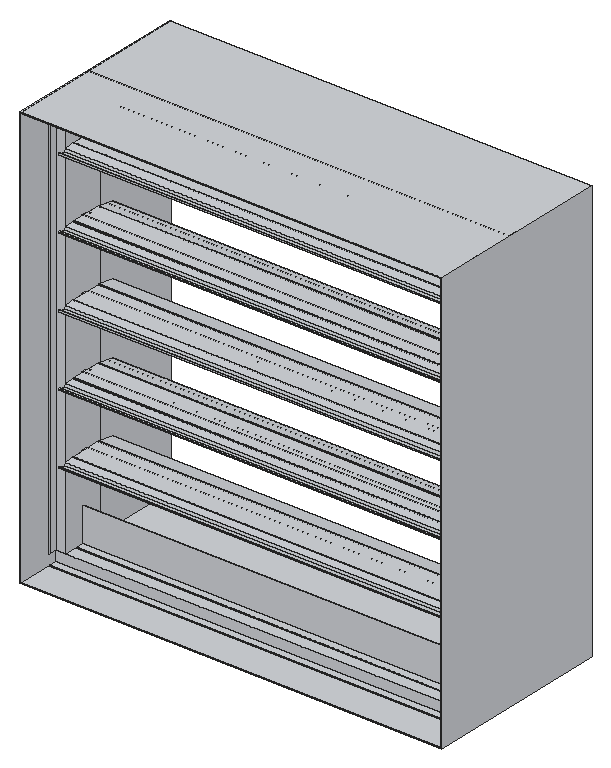
Revit family "S-AFM-OB-I", category Mechanical Equipment, Revit 2015
Parameters
  URL = "http://unitedenertech.com/catalog/pdf/P_80a%20S-AFM-OB-I.pdf"
  Type Comments = "Max. Single Section Size is (32\"w x 30\"h)"
  Model = "S-AFM-OB-I"
  Manufacturer = "United Enertech Corporation"
  Keynote = "Actuator Shown In the Air Stream, Consult Factory for Out of the Air Stream Placement in Models."
  Exact Width = 3' - 0"
  Exact Height = 3' - 0"
  Description = "Low Leakage Modulating Smoke Damper"
  Depth = 1' - 4"
  Blade Spacing = 0' - 6"
  Blade Number [instance] = rounddown((Exact Height - 0' 3") / Blade Spacing)  # 5
  BW [instance] = Exact Width - 0' 2 1/2"  # 2' - 9 1/2"
Reference planes (in)
  plane 1 "Center (Front/Back)": y = 0
  plane 2: z = 0
  plane 3 "Center (Left/Right)": x = 0
  plane 4: z = 36
  plane 5: x = -18
  plane 6: x = 18
  plane 7: z = 0.0359
  plane 8: z = 35.9641
  plane 9: x = -17.9641
  plane 10: x = 17.9641
  plane 11: y = 13
  plane 12: y = -3
  plane 13: y = 5
  plane 14: z = 0.9348
  plane 15: z = 35.0293
  plane 16: x = -17.0293
  plane 17: x = 17.0293
  plane 18: z = 32.27732
  plane 19: y = 4.3098
  plane 20: z = 34.5
  plane 21: z = 23.4428
  plane 22: z = 32.24218
Forms (in)
  Extrusion 1, solid
    sketch origin (0, 0, 0) x (1, 0, 0) y (0, 0, 1)
      loop
        line (-17.9641, 35.9641) -> (-17.9641, 0.0359) -> (17.9641, 0.0359) -> (17.9641, 35.9641) -> (-17.9641, 35.9641)
      loop
        line (-18, 36) -> (-18, 0) -> (18, 0) -> (18, 36) -> (-18, 36)
    from -13 to 3
  Extrusion 2, solid
    sketch origin (23.93472, -8.11588, 0) x (1, 0, 0) y (0, 1, 0)
      loop
        line (-41.83902, 8.11588) -> (-41.83902, 8.17568) -> (-41.83902, 8.80608) -> (-40.96402, 8.80608) -> (-40.96402, 12.42568) -> (-41.83902, 12.42568) -> (-41.83902, 13.05608) -> (-41.83902, 13.11588) -> (-41.89882, 13.11588) -> (-41.89882, 12.36588) -> (-41.02382, 12.36588) -> (-41.02382, 8.86588) -> (-41.89882, 8.86588) -> (-41.89882, 8.11588) -> (-41.83902, 8.11588)
    from 0.9348 to 35.0293
  Extrusion 3, solid
    sketch origin (31.96104, -8.11588, 36.89882) x (0, 0, 1) y (0, 1, 0)
      loop
        line (-36.83902, 8.17568) -> (-36.83902, 8.80608) -> (-35.96402, 8.80608) -> (-35.96402, 12.42568) -> (-36.83902, 12.42568) -> (-36.83902, 13.05608) -> (-36.83902, 13.11588) -> (-36.89882, 13.11588) -> (-36.89882, 12.36588) -> (-36.02382, 12.36588) -> (-36.02382, 8.86588) -> (-36.89882, 8.86588) -> (-36.89882, 8.11588) -> (-36.83902, 8.11588) -> (-36.83902, 8.17568)
    from 13.99694 to 49.92514
  Extrusion 4, solid
    sketch origin (26.89178, -38.52709, 32.33205) x (0, -1, 0) y (0, 0, -1)
      loop
        line (-41.02709, -2.19725) -> (-41.02709, -2.69725) -> (-40.27709, -2.69725) -> (-40.27709, -2.61625) -> (-40.94609, -2.61625) -> (-40.94609, -2.19725) -> (-41.02709, -2.19725)
    from -43.92108 to -9.86248
  Extrusion 5, solid
    sketch origin (62.39247, 5.64851, 0.33329) x (0, 1, 0) y (0, 0, 1)
      loop
        line (-3.14851, 3.60151) -> (-3.22663, 3.60151) -> (-3.22663, 0.67964) -> (-3.89851, 0.67964) -> (-3.89851, 0.60151) -> (-3.14851, 0.60151) -> (-3.14851, 3.60151)
    from -79.42177 to -45.36317
  Extrusion 6, solid
    sketch origin (-23.93472, -8.11588, 0) x (-1, 0, 0) y (0, -1, 0)
      loop
        line (-41.83902, -8.11588) -> (-41.89882, -8.11588) -> (-41.89882, -8.86588) -> (-41.02382, -8.86588) -> (-41.02382, -12.36588) -> (-41.89882, -12.36588) -> (-41.89882, -13.11588) -> (-41.83902, -13.11588) -> (-41.83902, -13.05608) -> (-41.83902, -12.42568) -> (-40.96402, -12.42568) -> (-40.96402, -8.80608) -> (-41.83902, -8.80608) -> (-41.83902, -8.17568) -> (-41.83902, -8.11588)
    from 0.9348 to 35.0293
  Extrusion 7, solid
    sketch origin (31.96104, -8.11588, 11.06528) x (0, 0, -1) y (0, -1, 0)
      loop
        line (-24.83902, -8.17568) -> (-24.83902, -8.11588) -> (-24.89882, -8.11588) -> (-24.89882, -8.86588) -> (-24.02382, -8.86588) -> (-24.02382, -12.36588) -> (-24.89882, -12.36588) -> (-24.89882, -13.11588) -> (-24.83902, -13.11588) -> (-24.83902, -13.05608) -> (-24.83902, -12.42568) -> (-23.96402, -12.42568) -> (-23.96402, -8.80608) -> (-24.83902, -8.80608) -> (-24.83902, -8.17568)
    from 13.99694 to 49.92514
  Extrusion 8, solid
    sketch origin (0, 0, 0) x (0, 1, 0) y (0, 0, 1)
      loop
        line (7.9528, 32.24218) -> (7.6668, 32.24218)
        arc (7.6668, 32.24218) -> (7.8098, 31.71875) -> (7.9528, 32.24218) r 0.28125
    from -17.9641 to 17.9641
Dimensions and locks (in)
  "Exact Height": plane 4 to level
  equal spacing: plane 5, plane 3 "Center (Left/Right)", plane 6
  "Exact Width": plane 5 to plane 6
  locked: plane 7 to level at 0.0359
  locked: plane 4 to plane 8 at 0.0359
  locked: plane 5 to plane 9 at 0.0359
  locked: plane 10 to plane 6 at 0.0359
  locked: plane 1 "Center (Front/Back)" to plane 12 at 3
  "Depth": plane 11 to plane 12
  locked: plane 1 "Center (Front/Back)" to plane 13 at 5
  locked: plane 14 to level at 0.9348
  locked: plane 8 to plane 15 at 0.9348
  locked: plane 16 to plane 9 at 0.9348
  locked: plane 10 to plane 17 at 0.9348
  locked: plane 4 to plane 18 at 3.72268
  equal spacing: group 2, group 3, group 4, group 5, group 6  (x2)
  equal spacing: group 6, group 5, group 4, group 3, group 2
  "Blade Spacing": nested 1 to nested 3
  locked: plane 13 to plane 19 at 0.6902
  locked: plane 4 to plane 20 at 1.5
  locked: plane 4 to plane 21 at 12.5572
  locked: plane 4 to plane 22 at 3.75782
  aligned and locked: level to plane 2
  aligned and locked: Extrusion 1 sketch curve to plane 4
  aligned and locked: level to Extrusion 1 sketch curve
  aligned and locked: Extrusion 1 sketch curve to plane 5
  aligned and locked: Extrusion 1 sketch curve to plane 6
  aligned and locked: Extrusion 1 sketch curve to plane 8
  aligned and locked: plane 7 to Extrusion 1 sketch curve
  aligned and locked: plane 10 to Extrusion 1 sketch curve
  aligned and locked: plane 9 to Extrusion 1 sketch curve
  aligned and locked: plane 11 to Extrusion 1
  aligned and locked: Extrusion 1 to plane 12
  aligned and locked: Extrusion 2 to plane 9
  aligned and locked: Extrusion 6 to plane 10
  aligned and locked: Extrusion 3 to plane 9
  aligned and locked: Extrusion 3 to plane 10
  aligned and locked: Extrusion 6 to plane 14
  aligned and locked: Extrusion 2 to plane 14
  aligned and locked: plane 8 to Extrusion 7
  aligned and locked: plane 15 to Extrusion 6
  aligned and locked: plane 15 to Extrusion 2
  aligned and locked: Extrusion 7 to plane 9
  aligned and locked: Extrusion 7 to plane 10
  aligned and locked: Extrusion 5 to plane 16
  aligned and locked: plane 17 to Extrusion 5
  aligned and locked: Extrusion 7 to plane 15
  aligned and locked: plane 15 to Extrusion 4
  aligned and locked: Extrusion 4 to plane 16
  aligned and locked: plane 17 to Extrusion 4
  aligned and locked: plane 18 to nested 1
  aligned and locked: plane 3 "Center (Left/Right)" to nested 1
  aligned and locked: nested 4 to plane 10
  aligned and locked: plane 9 to nested 5
  aligned and locked: nested 5 to plane 19
  aligned and locked: plane 19 to nested 4
  aligned and locked: Extrusion 8 to plane 10
  aligned and locked: Extrusion 8 to plane 9
  aligned and locked: nested 5 to plane 20
  aligned and locked: plane 20 to nested 4
  aligned and locked: nested 6 to plane 21
  aligned and locked: plane 22 to Extrusion 8
  aligned and locked: plane 17 to nested 6
Automatic sketch dimensions
  Extrusion 2 sketch curve to plane 9 = 0' - 0"  (x2)
  plane 1 "Center (Front/Back)" to Extrusion 2 sketch curve = 0' - 0"
  plane 13 to Extrusion 2 sketch curve = 0' - 0"
  plane 9 to Extrusion 2 sketch curve = 0' - 0.0598"  (x2)
  Extrusion 2 sketch curve to Extrusion 2 sketch curve = 0' - 0.8152"
  Extrusion 2 sketch curve to Extrusion 2 sketch curve = 0' - 0.0598"  (x4)
  Extrusion 2 sketch curve to plane 1 "Center (Front/Back)" = 0' - 0.0598"
  Extrusion 2 sketch curve to Extrusion 2 sketch curve = 0' - 0.6304"
  Extrusion 2 sketch curve to Extrusion 2 sketch curve = 0' - 0 3/4"
  Extrusion 3 sketch curve to level = 0' - 0"  (x2)
  Extrusion 3 sketch curve to plane 1 "Center (Front/Back)" = 0' - 0"
  Extrusion 3 sketch curve to plane 13 = 0' - 0"
  Extrusion 3 sketch curve to plane 14 = 0' - 0"
  plane 7 to Extrusion 3 sketch curve = 0' - 0.0239"  (x2)
  Extrusion 3 sketch curve to plane 14 = 0' - 0.0598"
  Extrusion 3 sketch curve to plane 1 "Center (Front/Back)" = 0' - 0.0598"
  Extrusion 3 sketch curve to Extrusion 3 sketch curve = 0' - 0.6304"
  Extrusion 3 sketch curve to Extrusion 3 sketch curve = 0' - 0.0598"  (x2)
  plane 13 to Extrusion 3 sketch curve = 0' - 0 3/4"
  plane 13 to Extrusion 3 sketch curve = 0' - 0.0598"
  Extrusion 4 sketch curve to plane 8 = 0' - 1.4348"
  plane 12 to Extrusion 4 sketch curve = 0' - 5 1/2"
  Extrusion 4 sketch curve to Extrusion 4 sketch curve = 0' - 0.081"  (x2)
  Extrusion 4 sketch curve to Extrusion 4 sketch curve = 0' - 0.669"
  Extrusion 4 sketch curve to Extrusion 4 sketch curve = 0' - 0.419"
  Extrusion 5 sketch curve to plane 14 = 0' - 0"
  plane 14 to Extrusion 5 sketch curve = 0' - 0 5/64"
  plane 12 to Extrusion 5 sketch curve = 0' - 4 3/4"
  Extrusion 5 sketch curve to Extrusion 5 sketch curve = 0' - 0 43/64"
  Extrusion 5 sketch curve to Extrusion 5 sketch curve = 0' - 0 5/64"
  Extrusion 5 sketch curve to Extrusion 5 sketch curve = 0' - 2 59/64"
  Extrusion 6 sketch curve to plane 10 = 0' - 0"  (x2)
  plane 1 "Center (Front/Back)" to Extrusion 6 sketch curve = 0' - 0"
  plane 13 to Extrusion 6 sketch curve = 0' - 0"
  Extrusion 6 sketch curve to plane 10 = 0' - 0.0598"  (x2)
  Extrusion 6 sketch curve to Extrusion 6 sketch curve = 0' - 0.8152"
  Extrusion 6 sketch curve to Extrusion 6 sketch curve = 0' - 0.0598"  (x3)
  plane 1 "Center (Front/Back)" to Extrusion 6 sketch curve = 0' - 0.0598"
  Extrusion 6 sketch curve to Extrusion 6 sketch curve = 0' - 0.6304"
  Extrusion 6 sketch curve to plane 13 = 0' - 0 3/4"
  Extrusion 6 sketch curve to plane 13 = 0' - 0.0598"
  Extrusion 7 sketch curve to plane 1 "Center (Front/Back)" = 0' - 0"
  Extrusion 7 sketch curve to plane 13 = 0' - 0"
  plane 13 to Extrusion 7 sketch curve = 0' - 0 3/4"
  Extrusion 7 sketch curve to plane 8 = 0' - 0"
  Extrusion 7 sketch curve to Extrusion 7 sketch curve = 0' - 0"
  Extrusion 7 sketch curve to Extrusion 7 sketch curve = 0' - 0.0598"  (x6)
  Extrusion 7 sketch curve to Extrusion 7 sketch curve = 0' - 0.8152"
  Extrusion 7 sketch curve to plane 1 "Center (Front/Back)" = 0' - 0 3/4"
  Extrusion 7 sketch curve to plane 1 "Center (Front/Back)" = 0' - 0.0598"
  Extrusion 8 sketch curve to plane 18 = 0' - 0.27732"
  Extrusion 8 sketch curve to plane 13 = 0' - 2.8098"
  Extrusion 8 sketch curve to plane 18 = 0' - 0 9/256"
  Extrusion 8 sketch curve to Extrusion 8 sketch curve = 0' - 0.143"
Nested families (in)
  nested 1: "160BL" at (0, 2.25251, 30.67097), type "160BL"
    with Blade Width 2' - 9 1/2"
  nested 2: "160BL" at (62.39247, -25.11688, 30.67097), type "160BL", not visible
    with Blade Width 2' - 9 1/2"
  nested 3: "160BL" at (0, 2.25251, 24.67097), type "160BL"
    with Blade Width 2' - 9 1/2"
  nested 4: "Fire Smoke Actuator Bracket" at (18.23913, 4.3098, 33.56141) x (0, 0, 1) z (0, 1, 0), type "Fire Smoke Actuator Bracket"
  nested 5: "Fire Smoke Actuator Bracket" at (-18.23913, 4.3098, 33.56141) x (0, 0, 1) z (0, 1, 0), type "Fire Smoke Actuator Bracket"
  nested 6: "FS-AFB-24-SR" at (14.4993, 7.50014, 25.55611), type "FS-AFB-24-SR"
  nested 7: "160BL" at (0, 2.25251, 18.67097), type "160BL"
    with Blade Width 2' - 9 1/2"
  nested 8: "160BL" at (0, 2.25251, 12.67097), type "160BL"
    with Blade Width 2' - 9 1/2"
  nested 9: "160BL" at (0, 2.25251, 6.67097), type "160BL"
    with Blade Width 2' - 9 1/2"
Definition of nested family "160BL"
  Parameters (values of type "160BL")
    Blade Width = 2' - 0"
  Reference planes (in)
    plane 1 "Center (Front/Back)": y = 0
    plane 2: z = 0
    plane 3 "Center (Left/Right)": x = 0
    plane 4: x = -12
    plane 5: x = 12
    plane 6: x = 13
    plane 7: x = 10
    plane 8: x = -10
    plane 9: x = -13
  Forms (in)
    Extrusion 1, solid
      sketch origin (-29.66395, -41.88595, -4.51752) x (0, -1, 0) y (0, 0, -1)
        loop
          line (-42.3214, -5.69562) -> (-42.3214, -6.04405) -> (-41.94647, -6.04405) -> (-41.94647, -5.69562) -> (-42.3214, -5.69562)
      from 39.66395 to 42.66395
    Extrusion 2, solid
      sketch origin (-29.66395, -42.01854, -6.8342) x (0, -1, 0) y (0, 0, -1)
        loop
          line (-43.46599, -7.97904) -> (-43.51899, -7.97904) -> (-43.51899, -8.39235) -> (-42.90411, -8.41377) -> (-42.50696, -8.41377) -> (-42.50696, -8.36074) -> (-42.90411, -8.36074) -> (-43.46599, -8.34116) -> (-43.46599, -7.97904)
      from 17.66395 to 41.66395
    Extrusion 3, solid
      sketch origin (-29.66395, -42.01854, -6.8342) x (0, -1, 0) y (0, 0, -1)
        loop
          line (-43.41296, -8.32667) -> (-43.41296, -8.03022) -> (-42.89933, -8.01224) -> (-42.50696, -8.01224) -> (-42.50696, -8.41377) -> (-42.02598, -8.41377) -> (-42.02598, -8.0123) -> (-41.62883, -8.0123) -> (-41.11996, -8.03003) -> (-41.11996, -8.32648) -> (-41.06699, -8.32648) -> (-41.06699, -7.97904) -> (-41.63442, -7.95927) -> (-42.07906, -7.95927) -> (-42.07906, -8.36074) -> (-42.45398, -8.36074) -> (-42.45398, -7.95927) -> (-42.90119, -7.95927) -> (-43.46596, -7.97904) -> (-43.46596, -8.32667) -> (-43.41296, -8.32667)
      from 17.66395 to 41.66395
    Extrusion 4, solid
      sketch origin (-29.66395, -42.01854, -6.8342) x (0, -1, 0) y (0, 0, -1)
        loop
          line (-42.45398, -7.95927) -> (-42.45398, -8.01224) -> (-42.07906, -8.01224) -> (-42.07906, -7.95927) -> (-42.45398, -7.95927)
      from 17.66395 to 41.66395
    Extrusion 5, solid
      sketch origin (-29.66395, -42.01854, -6.8342) x (0, -1, 0) y (0, 0, -1)
        loop
          line (-41.06705, -7.97904) -> (-41.06705, -8.34116) -> (-41.62893, -8.36074) -> (-42.02598, -8.36074) -> (-42.02598, -8.41377) -> (-41.62893, -8.41377) -> (-41.01405, -8.39235) -> (-41.01405, -7.97904) -> (-41.06705, -7.97904)
      from 17.66395 to 41.66395
    Extrusion 6, solid
      sketch origin (-29.66395, -42.01854, -6.8342) x (0, -1, 0) y (0, 0, -1)
        loop
          line (-45.11444, -8.04212) -> (-45.14143, -8.06102) -> (-45.14143, -8.15472) -> (-43.65311, -8.44766) -> (-43.61881, -8.3631) -> (-43.58593, -8.44056) -> (-40.94517, -8.44056) -> (-40.91325, -8.36156) -> (-40.87962, -8.44109) -> (-40.06454, -8.37558) -> (-40.01199, -8.16476) -> (-39.44168, -8.27557) -> (-39.41851, -8.2524) -> (-40.03184, -8.13323) -> (-40.08641, -8.35172) -> (-40.86, -8.41376) -> (-40.88095, -8.33556) -> (-40.94478, -8.33556) -> (-40.96652, -8.41377) -> (-43.56615, -8.41377) -> (-43.58705, -8.33578) -> (-43.65168, -8.33578) -> (-43.67323, -8.41619) -> (-45.11444, -8.13252) -> (-45.11444, -8.04212)
      from 17.66395 to 41.66395
    Extrusion 7, solid
      sketch origin (-29.66395, 42.51351, 9.53877) x (0, 1, 0) y (0, 0, 1)
        loop
          line (-45.11444, -8.04212) -> (-45.14143, -8.06102) -> (-45.14143, -8.15472) -> (-43.65311, -8.44766) -> (-43.61881, -8.3631) -> (-43.58593, -8.44056) -> (-40.94517, -8.44056) -> (-40.91325, -8.36156) -> (-40.87962, -8.44109) -> (-40.06454, -8.37558) -> (-40.01199, -8.16476) -> (-39.44168, -8.27557) -> (-39.41851, -8.2524) -> (-40.03184, -8.13323) -> (-40.08641, -8.35172) -> (-40.86, -8.41376) -> (-40.88095, -8.33556) -> (-40.94478, -8.33556) -> (-40.96652, -8.41377) -> (-43.56615, -8.41377) -> (-43.58705, -8.33578) -> (-43.65168, -8.33578) -> (-43.67323, -8.41619) -> (-45.11444, -8.13252) -> (-45.11444, -8.04212)
      from 17.66395 to 41.66395
    Extrusion 8, solid
      sketch origin (-63.16395, -41.88595, -4.51752) x (0, -1, 0) y (0, 0, -1)
        loop
          line (-42.3214, -5.69562) -> (-42.3214, -6.04405) -> (-41.94647, -6.04405) -> (-41.94647, -5.69562) -> (-42.3214, -5.69562)
      from 50.16395 to 53.16395
  Dimensions and locks (in)
    equal spacing: plane 4, plane 3 "Center (Left/Right)", plane 5
    "Blade Width": plane 4 to plane 5
    locked: plane 7 to plane 5 at 2
    locked: plane 5 to plane 6 at 1
    locked: plane 4 to plane 8 at 2
    locked: plane 9 to plane 4 at 1
    aligned and locked: level to plane 2
    aligned and locked: plane 5 to Extrusion 6
    aligned and locked: plane 5 to Extrusion 7
    aligned and locked: plane 5 to Extrusion 5
    aligned and locked: plane 5 to Extrusion 3
    aligned and locked: plane 5 to Extrusion 2
    aligned and locked: Extrusion 1 to plane 6
    aligned and locked: plane 5 to Extrusion 4
    aligned and locked: plane 7 to Extrusion 1
    aligned and locked: Extrusion 8 to plane 9
    aligned and locked: Extrusion 8 to plane 8
    aligned and locked: plane 4 to Extrusion 6
    aligned and locked: plane 4 to Extrusion 7
    aligned and locked: plane 4 to Extrusion 2
    aligned and locked: plane 4 to Extrusion 3
    aligned and locked: plane 4 to Extrusion 5
    aligned and locked: plane 4 to Extrusion 4
  Automatic sketch dimensions
    Extrusion 1 sketch curve to plane 1 "Center (Front/Back)" = 0' - 0.43545"
    Extrusion 1 sketch curve to plane 1 "Center (Front/Back)" = 0' - 0.06052"
    level to Extrusion 1 sketch curve = 0' - 1.52654"
    Extrusion 1 sketch curve to Extrusion 1 sketch curve = 0' - 0.34843"
    Extrusion 2 sketch curve to plane 1 "Center (Front/Back)" = 0' - 1.50045"
    Extrusion 2 sketch curve to Extrusion 2 sketch curve = 0' - 0.053"
    Extrusion 2 sketch curve to Extrusion 2 sketch curve = 0' - 0.56188"
    Extrusion 2 sketch curve to Extrusion 2 sketch curve = 0' - 0"
    Extrusion 2 sketch curve to Extrusion 2 sketch curve = 0' - 0.39715"
    level to Extrusion 2 sketch curve = 0' - 1.57957"
    Extrusion 2 sketch curve to Extrusion 2 sketch curve = 0' - 0.02142"
    Extrusion 2 sketch curve to Extrusion 2 sketch curve = 0' - 0.05303"
    Extrusion 2 sketch curve to Extrusion 2 sketch curve = 0' - 0.05119"
    Extrusion 2 sketch curve to Extrusion 2 sketch curve = 0' - 0.36212"
    Extrusion 3 sketch curve to plane 1 "Center (Front/Back)" = 0' - 1.44742"
    Extrusion 3 sketch curve to Extrusion 3 sketch curve = 0' - 0.053"
    Extrusion 3 sketch curve to Extrusion 3 sketch curve = 0' - 0.51177"
    Extrusion 3 sketch curve to Extrusion 3 sketch curve = 0' - 0.00185"
    Extrusion 3 sketch curve to plane 1 "Center (Front/Back)" = 0' - 0.48842"
    Extrusion 3 sketch curve to Extrusion 3 sketch curve = 0' - 0.05297"  (x3)
    Extrusion 3 sketch curve to plane 1 "Center (Front/Back)" = 0' - 0.06052"
    Extrusion 3 sketch curve to plane 1 "Center (Front/Back)" = 0' - 0.00745"
    plane 1 "Center (Front/Back)" to Extrusion 3 sketch curve = 0' - 0.38411"
    Extrusion 3 sketch curve to Extrusion 3 sketch curve = 0' - 0.00559"
    Extrusion 3 sketch curve to Extrusion 3 sketch curve = 0' - 0.50887"
    level to Extrusion 3 sketch curve = 0' - 1.57957"
    Extrusion 3 sketch curve to Extrusion 3 sketch curve = 0' - 0.05303"  (x2)
    Extrusion 3 sketch curve to Extrusion 3 sketch curve = 0' - 0.0871"
    Extrusion 3 sketch curve to Extrusion 3 sketch curve = 0' - 0.08729"
    Extrusion 3 sketch curve to Extrusion 3 sketch curve = 0' - 0.29645"  (x2)
    Extrusion 3 sketch curve to Extrusion 3 sketch curve = 0' - 0.34843"
    Extrusion 3 sketch curve to Extrusion 3 sketch curve = 0' - 0.01798"
    Extrusion 3 sketch curve to Extrusion 3 sketch curve = 0' - 0.05099"
    Extrusion 3 sketch curve to Extrusion 3 sketch curve = 0' - 0.05118"
    Extrusion 4 sketch curve to plane 1 "Center (Front/Back)" = 0' - 0.43545"
    Extrusion 4 sketch curve to plane 1 "Center (Front/Back)" = 0' - 0.06052"
    level to Extrusion 4 sketch curve = 0' - 1.17804"
    Extrusion 4 sketch curve to Extrusion 4 sketch curve = 0' - 0.05297"
    Extrusion 5 sketch curve to plane 1 "Center (Front/Back)" = 0' - 0.00745"
    plane 1 "Center (Front/Back)" to Extrusion 5 sketch curve = 0' - 0.3896"
    Extrusion 5 sketch curve to Extrusion 5 sketch curve = 0' - 0"
    Extrusion 5 sketch curve to Extrusion 5 sketch curve = 0' - 0.56188"
    Extrusion 5 sketch curve to Extrusion 5 sketch curve = 0' - 0.053"
    level to Extrusion 5 sketch curve = 0' - 1.57957"
    Extrusion 5 sketch curve to Extrusion 5 sketch curve = 0' - 0.02142"
    Extrusion 5 sketch curve to Extrusion 5 sketch curve = 0' - 0.05303"
    Extrusion 5 sketch curve to Extrusion 5 sketch curve = 0' - 0.05119"
    Extrusion 5 sketch curve to Extrusion 5 sketch curve = 0' - 0.36212"
    level to Extrusion 6 sketch curve = 0' - 1.32052"
    Extrusion 6 sketch curve to plane 1 "Center (Front/Back)" = 0' - 3.12289"
    level to Extrusion 6 sketch curve = 0' - 1.20792"
    Extrusion 6 sketch curve to Extrusion 6 sketch curve = 0' - 0.02699"
    Extrusion 6 sketch curve to Extrusion 6 sketch curve = 0' - 1.44121"
    Extrusion 6 sketch curve to Extrusion 6 sketch curve = 0' - 0.02012"
    Extrusion 6 sketch curve to Extrusion 6 sketch curve = 0' - 0.02155"
    Extrusion 6 sketch curve to Extrusion 6 sketch curve = 0' - 0.03287"
    Extrusion 6 sketch curve to Extrusion 6 sketch curve = 0' - 0.03176"
    Extrusion 6 sketch curve to Extrusion 6 sketch curve = 0' - 0.06717"
    Extrusion 6 sketch curve to Extrusion 6 sketch curve = 0' - 0.01978"
    plane 1 "Center (Front/Back)" to Extrusion 6 sketch curve = 0' - 1.05202"
    Extrusion 6 sketch curve to Extrusion 6 sketch curve = 0' - 0.02136"
    Extrusion 6 sketch curve to Extrusion 6 sketch curve = 0' - 0.02174"
    Extrusion 6 sketch curve to Extrusion 6 sketch curve = 0' - 0.03153"  (x2)
    Extrusion 6 sketch curve to Extrusion 6 sketch curve = 0' - 0.0323"
    Extrusion 6 sketch curve to Extrusion 6 sketch curve = 0' - 0.06554"
    Extrusion 6 sketch curve to Extrusion 6 sketch curve = 0' - 0.01963"
    Extrusion 6 sketch curve to Extrusion 6 sketch curve = 0' - 0.77359"
    Extrusion 6 sketch curve to Extrusion 6 sketch curve = 0' - 0.02187"
    Extrusion 6 sketch curve to Extrusion 6 sketch curve = 0' - 0.05457"
    Extrusion 6 sketch curve to Extrusion 6 sketch curve = 0' - 0.01985"
    Extrusion 6 sketch curve to Extrusion 6 sketch curve = 0' - 0 73/128"
    Extrusion 6 sketch curve to Extrusion 6 sketch curve = 0' - 0.02317"  (x2)
    level to Extrusion 6 sketch curve = 0' - 1.33056"
    Extrusion 6 sketch curve to Extrusion 6 sketch curve = 0' - 0.08764"
    Extrusion 6 sketch curve to Extrusion 6 sketch curve = 0' - 0.1708"
    level to Extrusion 6 sketch curve = 0' - 1.50158"
    Extrusion 6 sketch curve to Extrusion 6 sketch curve = 0' - 0.18696"
    Extrusion 6 sketch curve to Extrusion 6 sketch curve = 0' - 0.02601"
    Extrusion 6 sketch curve to Extrusion 6 sketch curve = 0' - 0 7/256"  (x2)
    Extrusion 6 sketch curve to Extrusion 6 sketch curve = 0' - 0.02386"
    Extrusion 6 sketch curve to Extrusion 6 sketch curve = 0' - 0.05219"
    Extrusion 6 sketch curve to Extrusion 6 sketch curve = 0' - 0.05067"
    Extrusion 6 sketch curve to Extrusion 6 sketch curve = 0' - 0.05309"
    Extrusion 6 sketch curve to Extrusion 6 sketch curve = 0' - 0.02679"
    Extrusion 6 sketch curve to Extrusion 6 sketch curve = 0' - 0.03147"
    Extrusion 6 sketch curve to Extrusion 6 sketch curve = 0' - 0.0222"
    Extrusion 6 sketch curve to Extrusion 6 sketch curve = 0' - 0.0189"
    plane 1 "Center (Front/Back)" to Extrusion 7 sketch curve = 0' - 2.62792"
    Extrusion 7 sketch curve to Extrusion 7 sketch curve = 0' - 0.02699"
    plane 1 "Center (Front/Back)" to Extrusion 7 sketch curve = 0' - 1.15972"
    Extrusion 7 sketch curve to Extrusion 7 sketch curve = 0' - 0.02012"
    Extrusion 7 sketch curve to Extrusion 7 sketch curve = 0' - 0.02155"
    Extrusion 7 sketch curve to Extrusion 7 sketch curve = 0' - 0.03287"
    Extrusion 7 sketch curve to Extrusion 7 sketch curve = 0' - 0.03176"
    Extrusion 7 sketch curve to Extrusion 7 sketch curve = 0' - 0.06717"
    Extrusion 7 sketch curve to Extrusion 7 sketch curve = 0' - 0.01978"
    Extrusion 7 sketch curve to plane 1 "Center (Front/Back)" = 0' - 1.54699"
    Extrusion 7 sketch curve to Extrusion 7 sketch curve = 0' - 0.02136"
    Extrusion 7 sketch curve to Extrusion 7 sketch curve = 0' - 0.02174"
    Extrusion 7 sketch curve to Extrusion 7 sketch curve = 0' - 0.03153"  (x2)
    Extrusion 7 sketch curve to Extrusion 7 sketch curve = 0' - 0.0323"
    Extrusion 7 sketch curve to Extrusion 7 sketch curve = 0' - 0.06554"
    Extrusion 7 sketch curve to Extrusion 7 sketch curve = 0' - 0.01963"
    level to Extrusion 7 sketch curve = 0' - 1.18705"
    Extrusion 7 sketch curve to Extrusion 7 sketch curve = 0' - 0.77359"
    level to Extrusion 7 sketch curve = 0' - 1.16319"
    Extrusion 7 sketch curve to Extrusion 7 sketch curve = 0' - 0.02187"
    Extrusion 7 sketch curve to Extrusion 7 sketch curve = 0' - 0.05457"
    Extrusion 7 sketch curve to Extrusion 7 sketch curve = 0' - 0.01985"
    level to Extrusion 7 sketch curve = 0' - 1.2632"
    Extrusion 7 sketch curve to Extrusion 7 sketch curve = 0' - 0 73/128"
    level to Extrusion 7 sketch curve = 0' - 1.28637"
    Extrusion 7 sketch curve to Extrusion 7 sketch curve = 0' - 0.02317"
    Extrusion 7 sketch curve to Extrusion 7 sketch curve = 0' - 0.06204"
    level to Extrusion 7 sketch curve = 0' - 1 1/8"
    Extrusion 7 sketch curve to Extrusion 7 sketch curve = 0' - 0.00242"
    Extrusion 7 sketch curve to Extrusion 7 sketch curve = 0' - 0.02679"
    Extrusion 7 sketch curve to Extrusion 7 sketch curve = 0' - 0 7/256"  (x2)
    Extrusion 7 sketch curve to Extrusion 7 sketch curve = 0' - 0.03147"
    Extrusion 7 sketch curve to Extrusion 7 sketch curve = 0' - 0.05067"
    Extrusion 7 sketch curve to Extrusion 7 sketch curve = 0' - 0.05219"
    Extrusion 7 sketch curve to Extrusion 7 sketch curve = 0' - 0.02601"
    Extrusion 7 sketch curve to Extrusion 7 sketch curve = 0' - 0.18696"
    level to Extrusion 7 sketch curve = 0' - 1.38405"
    Extrusion 7 sketch curve to Extrusion 7 sketch curve = 0' - 0.0222"
    Extrusion 7 sketch curve to Extrusion 7 sketch curve = 0' - 0.07151"
    Extrusion 7 sketch curve to Extrusion 7 sketch curve = 0' - 0.0189"
    Extrusion 8 sketch curve to plane 1 "Center (Front/Back)" = 0' - 0.43545"
    Extrusion 8 sketch curve to plane 1 "Center (Front/Back)" = 0' - 0.06052"
    level to Extrusion 8 sketch curve = 0' - 1.52654"
    Extrusion 8 sketch curve to Extrusion 8 sketch curve = 0' - 0.34843"
Definition of nested family "Fire Smoke Actuator Bracket"
  Reference planes (in)
    plane 1 "Center (Front/Back)": y = 0
    plane 2: z = 0
    plane 3 "Center (Left/Right)": x = 0
  Forms (in)
    Extrusion 1, solid
      sketch origin (54.09185, -14.49387, 0) x (1, 0, 0) y (0, 1, 0)
        loop
          line (-53.15326, 14.21883) -> (-53.90326, 14.21883) -> (-53.90326, 14.00399) -> (-57.40326, 14.00399) -> (-57.40326, 14.21883) -> (-58.15326, 14.21883) -> (-58.15326, 14.18293) -> (-57.43842, 14.18293) -> (-57.43842, 13.96883) -> (-53.8681, 13.96883) -> (-53.8681, 14.18293) -> (-53.15326, 14.18293) -> (-53.15326, 14.21883)
      from 0 to 5
    Extrusion 2, void
      sketch origin (0, 0, 0) x (1, 0, 0) y (0, 0, 1)
        loop
          circle (-1.56141, 3.5) r 0.28125
      from 0 to 1.04299
  Cuts and joins
    Extrusion 2 cuts Extrusion 1
  Dimensions and locks (in)
    aligned and locked: level to plane 2
Definition of nested family "FS-AFB-24-SR"
  Reference planes (in)
    plane 1 "Center (Front/Back)": y = 0
    plane 2: z = 0
    plane 3 "Center (Left/Right)": x = 0
  Forms (in)
    Extrusion 1, solid
      sketch origin (0, 3.01059, 2.37313) x (0, 0, 1) y (0, -1, 0)
        loop
          arc (5.17694, 4.14515) -> (5.10142, 4.28392) -> (4.96096, 4.35623) r 0.2686
          line (4.96096, 4.35623) -> (3.43874, 4.62464) -> (-2.18351, 4.62464) -> (-2.26822, 4.56531)
          arc (-2.26822, 4.56531) -> (-2.43176, 2.69204) -> (-2.26838, 0.81876) r 10.81583
          line (-2.26838, 0.81876) -> (-2.18351, 0.75907) -> (3.43874, 0.75907) -> (4.96096, 1.02748)
          arc (4.96096, 1.02748) -> (5.102, 1.0992) -> (5.17694, 1.23856) r 0.26473
          arc (5.17694, 1.23856) -> (5.32072, 2.69186) -> (5.17694, 4.14515) r 7.41658
      from 0 to 2.2
    Extrusion 2, solid
      sketch origin (0, 3.01059, 2.37313) x (0, 0, 1) y (0, -1, 0)
        loop
          arc (5.05669, 4.10523) -> (5.01725, 4.18617) -> (4.93994, 4.23236) r 0.15775
          line (4.93994, 4.23236) -> (3.43117, 4.49824) -> (2.81173, 4.49842) -> (2.61827, 4.28208) -> (-1.3684, 4.28208)
          arc (-1.3684, 4.28208) -> (-1.45627, 4.25534) -> (-1.51435, 4.1842) r 0.15775
          line (-1.51435, 4.1842) -> (-1.6376, 3.44628)
          arc (-1.6376, 3.44628) -> (-1.6846, 3.35785) -> (-1.77537, 3.31552) r 0.15777
          line (-1.77537, 3.31552) -> (-2.91413, 3.18584)
          arc (-2.91413, 3.18584) -> (-3.03319, 3.00107) -> (-3.0935, 2.78969) r 0.74916
          line (-3.0935, 2.78969) -> (-2.71721, 2.78969)
          arc (-2.71721, 2.78969) -> (-2.61804, 2.69052) -> (-2.71721, 2.59135) r 0.09917
          line (-2.71721, 2.59135) -> (-3.09309, 2.59135)
          arc (-3.09309, 2.59135) -> (-3.02949, 2.37501) -> (-2.9044, 2.1874) r 0.74916
          line (-2.9044, 2.1874) -> (-1.77537, 2.05883)
          arc (-1.77537, 2.05883) -> (-1.68459, 2.01649) -> (-1.6376, 1.92803) r 0.15777
          line (-1.6376, 1.92803) -> (-1.52615, 1.25979)
          arc (-1.52615, 1.25979) -> (-1.47995, 1.14825) -> (-1.3684, 1.10204) r 0.15775
          line (-1.3684, 1.10204) -> (2.61827, 1.10204) -> (2.81173, 0.88571) -> (3.43117, 0.88588) -> (4.93994, 1.15177)
          arc (4.93994, 1.15177) -> (5.01552, 1.1961) -> (5.05578, 1.27393) r 0.15775
          arc (5.05578, 1.27393) -> (5.19519, 2.68953) -> (5.05669, 4.10523) r 7.28061
        loop
          circle (3.00151, 1.11693) r 0.17985
        loop
          circle (4.60141, 3.83291) r 0.35563
        loop
          circle (3.00687, 4.26733) r 0.17985
        loop
          circle (-2.32365, 2.69232) r 0.15729
        loop
          circle (-1.08247, 2.68717) r 0.37144
        loop
          line (-1.06282, 1.24571) -> (-0.56665, 1.24571)
          arc (-0.56665, 1.24571) -> (-0.2192, 1.59315) -> (-0.56665, 1.9406) r 0.34744
          line (-0.56665, 1.9406) -> (-1.06282, 1.9406)
          arc (-1.06282, 1.9406) -> (-1.41026, 1.59315) -> (-1.06282, 1.24571) r 0.34744
        loop
          line (-1.06282, 3.45232) -> (-0.56665, 3.45232)
          arc (-0.56665, 3.45232) -> (-0.2192, 3.79977) -> (-0.56665, 4.14721) r 0.34744
          line (-0.56665, 4.14721) -> (-1.06282, 4.14721)
          arc (-1.06282, 4.14721) -> (-1.41026, 3.79977) -> (-1.06282, 3.45232) r 0.34744
      from 0 to -0.08
    Extrusion 3, solid
      sketch origin (0, 3.01059, 2.37313) x (0, 0, 1) y (0, -1, 0)
        loop
          arc (5.05669, 4.10523) -> (5.01725, 4.18617) -> (4.93994, 4.23236) r 0.15775
          line (4.93994, 4.23236) -> (3.43117, 4.49824) -> (2.81173, 4.49842) -> (2.61827, 4.28208) -> (-1.3684, 4.28208)
          arc (-1.3684, 4.28208) -> (-1.45627, 4.25534) -> (-1.51435, 4.1842) r 0.15775
          line (-1.51435, 4.1842) -> (-1.6376, 3.44628)
          arc (-1.6376, 3.44628) -> (-1.6846, 3.35785) -> (-1.77537, 3.31552) r 0.15777
          line (-1.77537, 3.31552) -> (-2.91413, 3.18584)
          arc (-2.91413, 3.18584) -> (-3.03319, 3.00107) -> (-3.0935, 2.78969) r 0.74916
          line (-3.0935, 2.78969) -> (-2.71721, 2.78969)
          arc (-2.71721, 2.78969) -> (-2.61804, 2.69052) -> (-2.71721, 2.59135) r 0.09917
          line (-2.71721, 2.59135) -> (-3.09309, 2.59135)
          arc (-3.09309, 2.59135) -> (-3.02949, 2.37501) -> (-2.9044, 2.1874) r 0.74916
          line (-2.9044, 2.1874) -> (-1.77537, 2.05883)
          arc (-1.77537, 2.05883) -> (-1.68459, 2.01649) -> (-1.6376, 1.92803) r 0.15777
          line (-1.6376, 1.92803) -> (-1.52615, 1.25979)
          arc (-1.52615, 1.25979) -> (-1.47995, 1.14825) -> (-1.3684, 1.10204) r 0.15775
          line (-1.3684, 1.10204) -> (2.61827, 1.10204) -> (2.81173, 0.88571) -> (3.43117, 0.88588) -> (4.93994, 1.15177)
          arc (4.93994, 1.15177) -> (5.01552, 1.1961) -> (5.05578, 1.27393) r 0.15775
          arc (5.05578, 1.27393) -> (5.19519, 2.68953) -> (5.05669, 4.10523) r 7.28061
        loop
          circle (3.00151, 1.11693) r 0.17985
        loop
          circle (4.60141, 3.83291) r 0.35563
        loop
          circle (3.00687, 4.26733) r 0.17985
        loop
          circle (-2.32365, 2.69232) r 0.15729
        loop
          circle (-1.08247, 2.68717) r 0.37144
        loop
          line (-1.06282, 1.24571) -> (-0.56665, 1.24571)
          arc (-0.56665, 1.24571) -> (-0.2192, 1.59315) -> (-0.56665, 1.9406) r 0.34744
          line (-0.56665, 1.9406) -> (-1.06282, 1.9406)
          arc (-1.06282, 1.9406) -> (-1.41026, 1.59315) -> (-1.06282, 1.24571) r 0.34744
        loop
          line (-1.06282, 3.45232) -> (-0.56665, 3.45232)
          arc (-0.56665, 3.45232) -> (-0.2192, 3.79977) -> (-0.56665, 4.14721) r 0.34744
          line (-0.56665, 4.14721) -> (-1.06282, 4.14721)
          arc (-1.06282, 4.14721) -> (-1.41026, 3.79977) -> (-1.06282, 3.45232) r 0.34744
      from 2.28 to 2.2
    Revolve 4, solid
      sketch origin (0.38075, 3.11079, 2.27264) x (0, 0, 1) y (0, -1, 0)
        loop
          line (-1.6464, 1.50853) -> (-4.58277, 1.50853) -> (-4.58277, 1.38895) -> (-4.38595, 1.3888) -> (-4.38595, 0.98233) -> (-3.71316, 0.98233) -> (-3.71316, 1.06013) -> (-3.46316, 1.06013) -> (-3.46316, 0.99553) -> (-3.42649, 0.99553)
          arc (-3.42649, 0.99553) -> (-3.41021, 0.98362) -> (-3.39393, 0.99553) r 0.01708
          line (-3.39393, 0.99553) -> (-3.34037, 0.99553)
          arc (-3.34037, 0.99553) -> (-3.3241, 0.98362) -> (-3.30782, 0.99553) r 0.01708
          line (-3.30782, 0.99553) -> (-3.25426, 0.99553)
          arc (-3.25426, 0.99553) -> (-3.23799, 0.98362) -> (-3.22171, 0.99553) r 0.01708
          line (-3.22171, 0.99553) -> (-3.16815, 0.99553)
          arc (-3.16815, 0.99553) -> (-3.15187, 0.98362) -> (-3.1356, 0.99553) r 0.01708
          line (-3.1356, 0.99553) -> (-3.08204, 0.99553)
          arc (-3.08204, 0.99553) -> (-3.06576, 0.98362) -> (-3.04949, 0.99553) r 0.01708
          line (-3.04949, 0.99553) -> (-2.74867, 0.99553) -> (-2.74867, 1.11419) -> (-2.71756, 1.11419) -> (-2.71756, 0.97626) -> (-1.6464, 0.97626) -> (-1.6464, 1.50853)
        axis (-1.6464, 1.50853) -> (-4.58277, 1.50853)
      angle from 0 to 360
    Revolve 5, solid
      sketch origin (0.38075, -2.47065, 2.27264) x (0, 0, 1) y (0, -1, 0)
        loop
          line (-1.6464, -1.50853) -> (-1.6464, -0.97626) -> (-2.71756, -0.97626) -> (-2.71756, -1.11419) -> (-2.74867, -1.11419) -> (-2.74867, -0.99553) -> (-3.04949, -0.99553)
          arc (-3.04949, -0.99553) -> (-3.06576, -0.98362) -> (-3.08204, -0.99553) r 0.01708
          line (-3.08204, -0.99553) -> (-3.1356, -0.99553)
          arc (-3.1356, -0.99553) -> (-3.15187, -0.98362) -> (-3.16815, -0.99553) r 0.01708
          line (-3.16815, -0.99553) -> (-3.22171, -0.99553)
          arc (-3.22171, -0.99553) -> (-3.23799, -0.98362) -> (-3.25426, -0.99553) r 0.01708
          line (-3.25426, -0.99553) -> (-3.30782, -0.99553)
          arc (-3.30782, -0.99553) -> (-3.3241, -0.98362) -> (-3.34037, -0.99553) r 0.01708
          line (-3.34037, -0.99553) -> (-3.39393, -0.99553)
          arc (-3.39393, -0.99553) -> (-3.41021, -0.98362) -> (-3.42649, -0.99553) r 0.01708
          line (-3.42649, -0.99553) -> (-3.46316, -0.99553) -> (-3.46316, -1.06013) -> (-3.71316, -1.06013) -> (-3.71316, -0.98233) -> (-4.38595, -0.98233) -> (-4.38595, -1.3888) -> (-4.58277, -1.38895) -> (-4.58277, -1.50853) -> (-1.6464, -1.50853)
        axis (-1.6464, -1.50853) -> (-4.58277, -1.50853)
      angle from 0 to 360
    Extrusion 6, solid
      sketch origin (0, 3.01059, 2.37313) x (0, 0, 1) y (0, -1, 0)
        loop
          circle (4.06027, 2.70093) r 0.90921
        loop
          circle (4.06027, 2.70093) r 0.76253
      from 2.53 to -0.33
    Extrusion 7, solid
      sketch origin (0, 3.01059, 2.37313) x (0, 0, 1) y (0, -1, 0)
        loop
          line (3.55094, 4.09474) -> (4.49646, 3.0032) -> (4.45067, 2.20426) -> (3.69895, 2.30327) -> (2.75161, 3.40295) -> (2.57266, 3.24805) -> (3.5638, 2.10384) -> (4.47707, 1.99337)
          arc (4.47707, 1.99337) -> (4.61655, 2.05914) -> (4.70451, 2.1858) r 0.29812
          line (4.70451, 2.1858) -> (4.71841, 3.10215) -> (3.72989, 4.24964) -> (3.55094, 4.09474)
      from -0.62789 to -0.42789
    Extrusion 8, solid
      sketch origin (0, 3.01059, 2.37313) x (0, 0, 1) y (0, -1, 0)
        loop
          line (4.29797, 4.01838) -> (4.20264, 4.12876) -> (2.63971, 2.77891) -> (2.74493, 2.67369) -> (3.06142, 2.66898) -> (3.24141, 2.46124)
          arc (3.24141, 2.46124) -> (3.42353, 2.4293) -> (3.521, 2.58643) r 0.16504
          arc (3.521, 2.58643) -> (3.69967, 3.1318) -> (4.26379, 3.23725) r 0.5631
          arc (4.26379, 3.23725) -> (4.43789, 3.30548) -> (4.43541, 3.49245) r 0.16432
          line (4.43541, 3.49245) -> (4.25607, 3.70075) -> (4.29797, 4.01838)
      from -0.84254 to -0.74254
    Extrusion 9, solid
      sketch origin (0, 3.01059, 2.37313) x (0, 0, 1) y (0, -1, 0)
        loop
          line (2.63971, 2.77891) -> (2.71061, 2.70801) -> (4.26806, 4.0497) -> (4.20279, 4.12546) -> (2.63971, 2.77891)
      from -0.74254 to -0.08
    Extrusion 10, void
      sketch origin (0, 3.01059, 2.37313) x (0, 0, 1) y (0, -1, 0)
        loop
          circle (4.06027, 2.70093) r 0.76253
      from -0.24747 to 2.44131
  Cuts and joins
    Extrusion 10 cuts Extrusion 1
    Extrusion 10 cuts Extrusion 2
    Extrusion 10 cuts Extrusion 6
    Extrusion 10 cuts Extrusion 3
  Dimensions and locks (in)
    aligned and locked: level to plane 2
